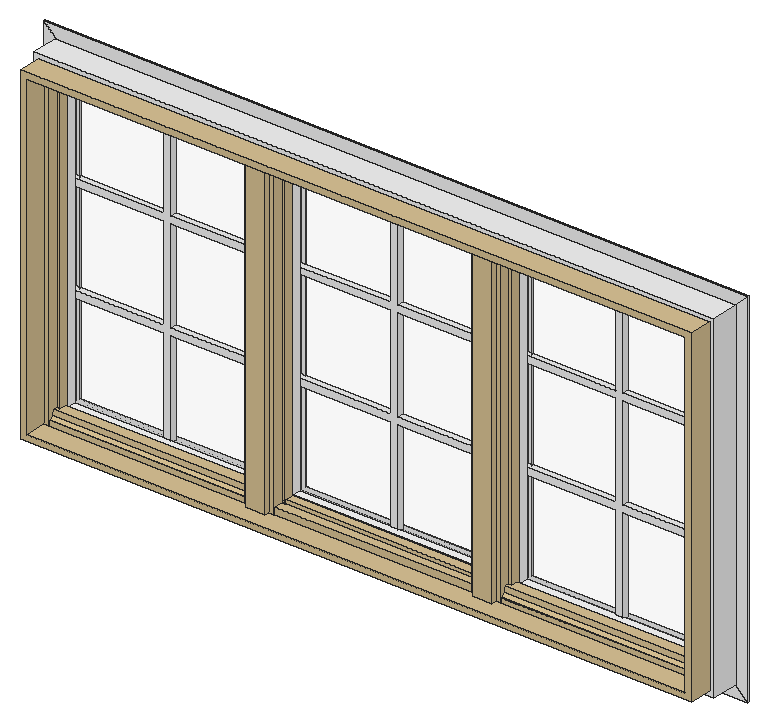
Revit family
Parameters (values of type "C33")
  Description = "400 Series Casement - Triple Sash"
  Default Sill Height = Default Head Height - Height  # 3' - 8 1/16"
  Default Head Height = 6' - 8"
  Height = 2' - 11 15/16"
  Installation Flange Inset [instance] = 0' - 0 3/4"
  Manufacturer = "Andersen Corporation"
  Construction Type = "Vinyl Clad Wood"
  Model = "C33"
  Type Comments = "Shown w/ Optional Extension Jamb"
  Wall Closure = (empty or 0)
  Width = 5' - 11 7/8"
Types (3): name | Default Sill Height | Height | Model
  (no name) | 3' - 8 1/16" | 2' - 11 15/16" | "C33"
  C33 | 3' - 8 1/16" | 2' - 11 15/16" | "C33"
  C335 | 3' - 3 3/16" | 3' - 4 13/16" | "C335"
Reference planes (in)
  plane 1: y = 0
  plane 2: z = 0
  plane 3 "Center": x = -1.33656
  plane 4 "Right": x = -37.27406
  plane 5 "Right": x = 34.60094
  plane 6 "Sill": z = 44.0625
  plane 7 "Head Height": z = 80
  plane 8 "Installation Flange": y = 2.25
  plane 9: z = 56.7522
  plane 10: x = 32.67324
  plane 11: z = 67.3103
  plane 12: z = 46.19409
  plane 13: x = -25.22277
  plane 14: x = -15.10117
  plane 15: x = -35.34437
  plane 16: x = 22.54855
  plane 17: x = 12.42386
  plane 18: z = 77.86841
  plane 19: x = -13.31572
  plane 20: x = 10.64261
  plane 21: x = 8.86136
  plane 22: x = -11.53447
  plane 23: z = 62.03125
  plane 24: x = -36.13006
  plane 25: z = 77.24341
  plane 26: x = -35.58306
  plane 27: x = -14.867
  plane 28: x = -11.76872
  plane 29: x = 9.09561
Forms (in)
  Sweep 1, solid
    path origin (0, 0, 0) x (0, 0, -1) y (1, 0, 0)
      loop
        line (-44.0625, 34.60094) -> (-80, 34.60094) -> (-80, -37.27406) -> (-44.0625, -37.27406) -> (-44.0625, 34.60094)
    profile origin (-1.33656, 0, 0) x (0, 0, -1) y (0, -1, 0)
      loop
        line (-42.8125, -2.25) -> (-44.0625, -2.25) -> (-44.0625, -2.375) -> (-42.8125, -2.375) -> (-42.8125, -2.25)
  Sweep 2, solid
    path origin (0, 2.5975, 0) x (0, 0, -1) y (1, 0, 0)
      loop
        line (-44.0625, -14.00322) -> (-44.0625, -36.69431)
    profile origin (-25.34876, 2.5975, 0) x (0, 0, -1) y (0, -1, 0)
      loop
        line (-78.07301, -0.652) -> (-78.01692, -0.21179) -> (-77.59914, -0.19789) -> (-77.49341, 0) -> (-78.12236, 0) -> (-78.12236, 0.625) -> (-77.59336, 0.625) -> (-77.71221, 1.348) -> (-78.39817, 1.348) -> (-78.49115, 0.8165) -> (-79.21636, 0.8165) -> (-79.21636, -0.652) -> (-78.07301, -0.652)
      loop
        line (-46.32193, 1.348) -> (-46.44078, 0.625) -> (-45.94014, 0.625) -> (-45.94014, 0) -> (-46.56909, 0) -> (-46.46336, -0.19789) -> (-46.04558, -0.21179) -> (-45.98949, -0.652) -> (-44.84614, -0.652) -> (-44.84614, 0.8165) -> (-45.57135, 0.8165) -> (-45.66433, 1.348) -> (-46.32193, 1.348)
  Sweep 3, solid
    path origin (0, 2.5975, 0) x (0, 0, -1) y (1, 0, 0)
      loop
        line (-44.0625, 34.60094) -> (-44.0625, -37.27406)
    profile origin (-1.33656, 2.5975, 0) x (0, 0, -1) y (0, -1, 0)
      loop
        line (-80, -0.9645) -> (-79.31202, -0.9645) -> (-79.31202, 0.8165) -> (-78.576, 0.8165) -> (-78.576, 3.1955) -> (-80, 3.1955) -> (-80, -0.9645)
      loop
        line (-44.75048, -0.9645) -> (-44.0625, -0.9645) -> (-44.0625, 3.1955) -> (-45.4865, 3.1955) -> (-45.4865, 0.8165) -> (-44.75048, 0.8165) -> (-44.75048, -0.9645)
  Sweep 4, solid
    path origin (0, 2.5975, 0) x (0, 0, -1) y (1, 0, 0)
      loop
        line (-44.0625, 33.03324) -> (-44.0625, 12.06158)
    profile origin (22.54741, 2.5975, 0) x (0, 0, -1) y (0, -1, 0)
      loop
        line (-78.576, 1.348) -> (-77.699, 1.348) -> (-77.699, 2.34528) -> (-78.059, 2.3655) -> (-78.059, 3.348) -> (-78.85725, 3.348) -> (-78.85725, 3.1955) -> (-78.576, 3.1955) -> (-78.576, 1.348)
      loop
        line (-45.4865, 1.348) -> (-45.4865, 3.1955) -> (-45.21825, 3.1955) -> (-45.21825, 3.348) -> (-45.7695, 3.348) -> (-45.7695, 3.2155) -> (-46.0815, 2.9305) -> (-46.6155, 2.88793) -> (-46.6155, 1.6315) -> (-46.3175, 1.348) -> (-45.4865, 1.348)
  Sweep 5, solid
    path origin (0, 2.5975, 0) x (0, 0, -1) y (1, 0, 0)
      loop
        line (-44.0625, 34.14394) -> (-44.0625, -36.81706)
    profile origin (-1.33656, 2.5975, 0) x (0, 0, -1) y (0, -1, 0)
      loop
        line (-79.54425, 5.5975) -> (-79.54425, 3.1955) -> (-78.85725, 3.1955) -> (-78.85725, 5.5975) -> (-79.54425, 5.5975)
      loop
        line (-45.21825, 5.5975) -> (-45.21825, 3.1955) -> (-44.53125, 3.1955) -> (-44.53125, 5.5975) -> (-45.21825, 5.5975)
  Sweep 6, solid
    path origin (0, 2.5975, 0) x (0, 0, -1) y (1, 0, 0)
      loop
        line (-44.84614, -37.27406) -> (-79.21636, -37.27406)
    profile origin (0, 2.5975, 62.03125) x (-1, 0, 0) y (0, -1, 0)
      loop
        line (34.97135, 0) -> (35.07709, -0.19789) -> (35.49486, -0.21179) -> (35.55096, -0.652) -> (36.69431, -0.652) -> (36.69431, 0.8165) -> (35.9691, 0.8165) -> (35.87612, 1.348) -> (35.19016, 1.348) -> (35.07131, 0.625) -> (35.60031, 0.625) -> (35.60031, 0) -> (34.97135, 0)
      loop
        line (15.47617, 0) -> (14.84722, 0) -> (14.84722, 0.625) -> (15.37622, 0.625) -> (15.25737, 1.348) -> (14.57141, 1.348) -> (14.47843, 0.8165) -> (13.75322, 0.8165) -> (13.75322, -0.652) -> (14.89657, -0.652) -> (14.95267, -0.21179) -> (15.37044, -0.19789) -> (15.47617, 0)
  Sweep 7, solid
    path origin (0, 0, 0) x (0, 0, -1) y (1, 0, 0)
      loop
        line (-79.54425, -37.27406) -> (-44.53125, -37.27406)
    profile origin (0, 0, 62.03775) x (0, -1, 0) y (1, 0, 0)
      loop
        line (0.598, -36.81706) -> (3, -36.81706) -> (3, -36.13006) -> (0.598, -36.13006) -> (0.598, -36.81706)
      loop
        line (0.598, 34.14394) -> (0.598, 33.45694) -> (3, 33.45694) -> (3, 34.14394) -> (0.598, 34.14394)
  Sweep 8, solid
    path origin (0, 2.5975, 0) x (0, 0, -1) y (1, 0, 0)
      loop
        line (-44.0625, 34.60094) -> (-80, 34.60094)
    profile origin (0, 2.5975, 62.03125) x (-1, 0, 0) y (0, -1, 0)
      loop
        line (-34.11494, 0.8165) -> (-33.45694, 0.8165) -> (-33.45694, 3.1955) -> (-34.60094, 3.1955) -> (-34.60094, -0.9645) -> (-34.11494, -0.9645) -> (-34.11494, 0.8165)
      loop
        line (36.78806, 0.8165) -> (36.78806, -0.9645) -> (37.27406, -0.9645) -> (37.27406, 3.1955) -> (36.13006, 3.1955) -> (36.13006, 0.8165) -> (36.78806, 0.8165)
  Sweep 9, solid
    path origin (0, 0, 0) x (0, 0, -1) y (1, 0, 0)
      loop
        line (-78.85725, -37.27406) -> (-45.21825, -37.27406)
    profile origin (0, 0, 62.03775) x (0, -1, 0) y (1, 0, 0)
      loop
        line (0.768, -36.13006) -> (0.768, -35.58306) -> (-0.232, -35.58306) -> (-0.25222, -35.22306) -> (-1.2495, -35.22306) -> (-1.2495, -36.13006) -> (0.768, -36.13006)
      loop
        line (0.768, -14.31572) -> (-1.2495, -14.31572) -> (-1.2495, -15.22272) -> (-0.25222, -15.22272) -> (-0.232, -14.86272) -> (0.768, -14.86272) -> (0.768, -14.31572)
      loop
        line (0.768, 11.64261) -> (0.768, 12.18961) -> (-0.232, 12.18961) -> (-0.25222, 12.54961) -> (-1.2495, 12.54961) -> (-1.2495, 11.64261) -> (0.768, 11.64261)
      loop
        line (0.768, 33.45694) -> (-1.2495, 33.45694) -> (-1.2495, 32.54994) -> (-0.25222, 32.54994) -> (-0.232, 32.90994) -> (0.768, 32.90994) -> (0.768, 33.45694)
      loop
        line (0.768, 9.64261) -> (-1.2495, 9.64261) -> (-1.2495, 8.73561) -> (-0.25222, 8.73561) -> (-0.232, 9.09561) -> (0.768, 9.09561) -> (0.768, 9.64261)
      loop
        line (0.768, -12.31572) -> (0.768, -11.76872) -> (-0.232, -11.76872) -> (-0.25222, -11.40872) -> (-1.2495, -11.40872) -> (-1.2495, -12.31572) -> (0.768, -12.31572)
  Extrusion 10, solid
    sketch origin (0, 2.5975, 0) x (0, 0, 1) y (1, 0, 0)
      loop
        line (67.6853, -35.34437) -> (67.6853, -25.59777) -> (77.86841, -25.59777) -> (77.86841, -24.84777) -> (67.6853, -24.84777) -> (67.6853, -15.10117) -> (66.9353, -15.10117) -> (66.9353, -24.84777) -> (57.1272, -24.84777) -> (57.1272, -15.10117) -> (56.3772, -15.10117) -> (56.3772, -24.84777) -> (46.19409, -24.84777) -> (46.19409, -25.59777) -> (56.3772, -25.59777) -> (56.3772, -35.34437) -> (57.1272, -35.34437) -> (57.1272, -25.59777) -> (66.9353, -25.59777) -> (66.9353, -35.34437) -> (67.6853, -35.34437)
    from -0.625 to 0
  Extrusion 11, solid
    sketch origin (0, 2.5975, 0) x (0, 0, -1) y (1, 0, 0)
      loop
        line (-46.19409, -15.10117) -> (-77.875, -15.10117) -> (-77.875, -35.34437) -> (-46.19409, -35.34437) -> (-46.19409, -15.10117)
    from 0 to 0.625
  Sweep 12, solid
    path origin (0, 2.5975, 0) x (0, 0, -1) y (1, 0, 0)
      loop
        line (-78.85725, -1.33656) -> (-45.21825, -1.33656)
    profile origin (0, 2.5975, 62.03775) x (0, -1, 0) y (1, 0, 0)
      loop
        line (2.88793, -14.31572) -> (3.8655, -14.31572) -> (3.8655, -12.31572) -> (2.88793, -12.31572) -> (2.88793, -14.31572)
      loop
        line (2.88793, 11.64261) -> (2.88793, 9.64261) -> (3.8655, 9.64261) -> (3.8655, 11.64261) -> (2.88793, 11.64261)
  Sweep 13, solid
    path origin (0, 2.5975, 0) x (0, 0, -1) y (1, 0, 0)
      loop
        line (-44.84614, 32.67324) -> (-78.87598, 32.67324)
    profile origin (0, 2.5975, 61.86106) x (-1, 0, 0) y (0, -1, 0)
      loop
        line (-32.29824, 0) -> (-32.92719, 0) -> (-32.92719, 0.625) -> (-32.39819, 0.625) -> (-32.51704, 1.348) -> (-33.203, 1.348) -> (-33.29599, 0.8165) -> (-34.02119, 0.8165) -> (-34.02119, -0.652) -> (-32.87785, -0.652) -> (-32.82175, -0.21179) -> (-32.40398, -0.19789) -> (-32.29824, 0)
      loop
        line (-12.80306, 0) -> (-12.69733, -0.19789) -> (-12.27956, -0.21179) -> (-12.22346, -0.652) -> (-11.08011, -0.652) -> (-11.08011, 0.8165) -> (-11.80532, 0.8165) -> (-11.8983, 1.348) -> (-12.58426, 1.348) -> (-12.70311, 0.625) -> (-12.17411, 0.625) -> (-12.17411, 0) -> (-12.80306, 0)
  Sweep 14, solid
    path origin (0, 2.5975, 0) x (0, 0, -1) y (1, 0, 0)
      loop
        line (-44.75048, 34.02119) -> (-44.75048, 11.08011)
    profile origin (22.55065, 2.5975, 0) x (0, 0, -1) y (0, -1, 0)
      loop
        line (-78.07363, -0.652) -> (-78.01753, -0.21179) -> (-77.59976, -0.19789) -> (-77.49402, 0) -> (-78.12298, 0) -> (-78.12298, 0.625) -> (-77.59398, 0.625) -> (-77.71282, 1.348) -> (-78.39879, 1.348) -> (-78.49177, 0.8165) -> (-79.21636, 0.8165) -> (-79.21636, -0.652) -> (-78.07363, -0.652)
      loop
        line (-46.35029, 1.348) -> (-46.46914, 0.625) -> (-45.94014, 0.625) -> (-45.94014, 0) -> (-46.56909, 0) -> (-46.46336, -0.19789) -> (-46.04558, -0.21179) -> (-45.98949, -0.652) -> (-44.84614, -0.652) -> (-44.84614, 0.8165) -> (-45.57135, 0.8165) -> (-45.66433, 1.348) -> (-46.35029, 1.348)
  Sweep 15, solid
    path origin (0, 2.5975, 0) x (0, 0, -1) y (1, 0, 0)
      loop
        line (-79.31202, -1.33656) -> (-44.75048, -1.33656)
    profile origin (0, 2.5975, 62.03125) x (0, -1, 0) y (1, 0, 0)
      loop
        line (0.8165, 9.64261) -> (2.88793, 9.64261) -> (2.88793, 11.64261) -> (0.8165, 11.64261) -> (0.8165, 11.04546) -> (-0.9645, 10.88964) -> (-0.9645, 10.39558) -> (0.8165, 10.23976) -> (0.8165, 9.64261)
      loop
        line (0.8165, -14.31572) -> (2.88793, -14.31572) -> (2.88793, -12.31572) -> (0.8165, -12.31572) -> (0.8165, -12.91287) -> (-0.9645, -13.06869) -> (-0.9645, -13.56275) -> (0.8165, -13.71857) -> (0.8165, -14.31572)
  Extrusion 16, solid
    sketch origin (0, 2.5975, 0) x (0, 0, -1) y (1, 0, 0)
      loop
        line (-77.875, 32.67324) -> (-77.875, 12.42386) -> (-46.19409, 12.42386) -> (-46.19409, 32.67324) -> (-77.875, 32.67324)
    from 0 to 0.625
  Extrusion 17, solid
    sketch origin (0, 2.5975, 0) x (0, 0, -1) y (1, 0, 0)
      loop
        line (-56.3772, 22.92355) -> (-56.3772, 32.67324) -> (-57.1272, 32.67324) -> (-57.1272, 22.92355) -> (-66.9353, 22.92355) -> (-66.9353, 32.67324) -> (-67.6853, 32.67324) -> (-67.6853, 22.92355) -> (-77.86841, 22.92355) -> (-77.86841, 22.17355) -> (-67.6853, 22.17355) -> (-67.6853, 12.42386) -> (-66.9353, 12.42386) -> (-66.9353, 22.17355) -> (-57.1272, 22.17355) -> (-57.1272, 12.42386) -> (-56.3772, 12.42386) -> (-56.3772, 22.17355) -> (-46.19409, 22.17355) -> (-46.19409, 22.92355) -> (-56.3772, 22.92355)
    from 0 to 0.625
  Sweep 18, solid
    path origin (0, 2.5975, 0) x (0, 0, -1) y (1, 0, 0)
      loop
        line (-44.84614, 9.64261) -> (-79.21636, 9.64261)
    profile origin (0, 2.5975, 62.03125) x (-1, 0, 0) y (0, -1, 0)
      loop
        line (11.15527, 0) -> (11.26101, -0.19789) -> (11.67878, -0.21179) -> (11.73487, -0.652) -> (12.87822, -0.652) -> (12.87822, 0.8165) -> (12.15302, 0.8165) -> (12.06003, 1.348) -> (11.37407, 1.348) -> (11.25522, 0.625) -> (11.78422, 0.625) -> (11.78422, 0) -> (11.15527, 0)
      loop
        line (-8.48216, 0) -> (-9.11111, 0) -> (-9.11111, 0.625) -> (-8.58211, 0.625) -> (-8.70096, 1.348) -> (-9.38692, 1.348) -> (-9.4799, 0.8165) -> (-10.20511, 0.8165) -> (-10.20511, -0.652) -> (-9.06176, -0.652) -> (-9.00567, -0.21179) -> (-8.58789, -0.19789) -> (-8.48216, 0)
  Sweep 19, solid
    path origin (0, 2.5975, 0) x (0, 0, -1) y (1, 0, 0)
      loop
        line (-44.75048, 10.20511) -> (-44.75048, -12.87822)
    profile origin (-1.33656, 2.5975, 0) x (0, 0, -1) y (0, -1, 0)
      loop
        line (-78.07363, -0.652) -> (-78.01753, -0.21179) -> (-77.59976, -0.19789) -> (-77.49402, 0) -> (-78.12298, 0) -> (-78.12298, 0.625) -> (-77.59398, 0.625) -> (-77.71282, 1.348) -> (-78.39879, 1.348) -> (-78.49177, 0.8165) -> (-79.21636, 0.8165) -> (-79.21636, -0.652) -> (-78.07363, -0.652)
      loop
        line (-46.35029, 1.348) -> (-46.46914, 0.625) -> (-45.94014, 0.625) -> (-45.94014, 0) -> (-46.56909, 0) -> (-46.46336, -0.19789) -> (-46.04558, -0.21179) -> (-45.98949, -0.652) -> (-44.84614, -0.652) -> (-44.84614, 0.8165) -> (-45.57135, 0.8165) -> (-45.66433, 1.348) -> (-46.35029, 1.348)
  Extrusion 20, solid
    sketch origin (0, 2.5975, 0) x (0, 0, -1) y (1, 0, 0)
      loop
        line (-77.86841, 8.86136) -> (-77.86841, -11.53447) -> (-46.19409, -11.53447) -> (-46.19409, 8.86136) -> (-77.86841, 8.86136)
    from 0 to 0.625
  Extrusion 21, solid
    sketch origin (0, 2.5975, 0) x (0, 0, -1) y (1, 0, 0)
      loop
        line (-56.3772, -1.61563) -> (-46.19409, -1.61563) -> (-46.19409, -0.86563) -> (-56.3772, -0.86563) -> (-56.3772, 8.86136) -> (-57.1272, 8.86136) -> (-57.1272, -0.86563) -> (-66.9353, -0.86563) -> (-66.9353, 8.86136) -> (-67.6853, 8.86136) -> (-67.6853, -0.86563) -> (-77.86841, -0.86563) -> (-77.86841, -1.61563) -> (-67.6853, -1.61563) -> (-67.6853, -11.53447) -> (-66.9353, -11.53447) -> (-66.9353, -1.61563) -> (-57.1272, -1.61563) -> (-57.1272, -11.53447) -> (-56.3772, -11.53447) -> (-56.3772, -1.61563)
    from 0 to 0.625
  Sweep 22, solid
    path origin (-47.77442, 2.5975, 0) x (0, 0, -1) y (1, 0, 0)
      loop
        line (-44.0625, 32.90742) -> (-44.0625, 12.19136)
    profile origin (-25.22503, 2.5975, 0) x (0, 0, -1) y (0, -1, 0)
      loop
        line (-78.576, 1.348) -> (-77.699, 1.348) -> (-77.699, 2.34528) -> (-78.059, 2.3655) -> (-78.059, 3.348) -> (-78.85725, 3.348) -> (-78.85725, 3.1955) -> (-78.576, 3.1955) -> (-78.576, 1.348)
      loop
        line (-45.4865, 1.348) -> (-45.4865, 3.1955) -> (-45.21825, 3.1955) -> (-45.21825, 3.348) -> (-45.7695, 3.348) -> (-45.7695, 3.2155) -> (-46.0815, 2.9305) -> (-46.6155, 2.88793) -> (-46.6155, 1.6315) -> (-46.3175, 1.348) -> (-45.4865, 1.348)
  Sweep 23, solid
    path origin (-24.78404, 2.5975, 0) x (0, 0, -1) y (1, 0, 0)
      loop
        line (-44.0625, 33.87965) -> (-44.0625, 13.01531)
    profile origin (-1.33656, 2.5975, 0) x (0, 0, -1) y (0, -1, 0)
      loop
        line (-78.576, 1.348) -> (-77.699, 1.348) -> (-77.699, 2.34528) -> (-78.059, 2.3655) -> (-78.059, 3.348) -> (-78.85725, 3.348) -> (-78.85725, 3.1955) -> (-78.576, 3.1955) -> (-78.576, 1.348)
      loop
        line (-45.4865, 1.348) -> (-45.4865, 3.1955) -> (-45.21825, 3.1955) -> (-45.21825, 3.348) -> (-45.9425, 3.348) -> (-45.9425, 2.37517) -> (-46.3175, 2.34528) -> (-46.3175, 1.348) -> (-45.4865, 1.348)
Cuts and joins
  joined: Sweep 2, Sweep 6
  joined: Sweep 5, Sweep 7
  joined: Sweep 3, Sweep 8
  joined: Sweep 13, Sweep 14
  joined: Sweep 4, Sweep 9
  joined: Sweep 18, Sweep 19
Lines and regions (in)
  Opening 1
    outline origin (-60, -3, 0) x (1, 0, 0) y (0, 0, 1)
      loop
        line (22.47594, 80.25) -> (22.47594, 43.8125) -> (94.85094, 43.8125) -> (94.85094, 80.25) -> (22.47594, 80.25)
  symbolic lines, style "Elevation Swing"
    curve 1: line (32.19937, 0, 62.01689) -> (12.4438, 0, 78.22853)
    curve 2: line (32.19937, 0, 62.01689) -> (12.4438, 0, 45.66263)
    curve 3: line (-34.8705, 0, 61.87093) -> (-15.12111, 0, 78.22853)
    curve 4: line (-34.8705, 0, 61.87093) -> (-15.12111, 0, 45.66263)
  symbolic lines
    curve 5: line (-37.27406, 3.562, 0) -> (-37.27406, -0.598, 0)
    curve 6: line (-36.13006, 3.562, 0) -> (-37.27406, 3.562, 0)
    curve 7: line (-36.81706, -0.598, 0) -> (-36.81706, -3, 0)
    curve 8: line (-37.27406, -0.598, 0) -> (-36.81706, -0.598, 0)
    curve 9: line (-36.13006, 3.2495, 0) -> (-36.13006, 3.562, 0)
    curve 10: line (-34.97135, 3.2495, 0) -> (-36.13006, 3.2495, 0)
    curve 11: line (-36.13006, 1.2495, 0) -> (-34.97135, 1.2495, 0)
    curve 12: line (-34.97135, 1.2495, 0) -> (-34.97135, 3.2495, 0)
    curve 13: line (-36.13006, -3, 0) -> (-36.13006, 1.2495, 0)
    curve 14: line (-36.81706, -3, 0) -> (-36.13006, -3, 0)
    curve 15: line (-34.97135, 2.5975, 0) -> (-15.65406, 2.5975, 0)
    curve 16: line (-14.31572, 3.562, 0) -> (-12.36856, 3.562, 0)
    curve 17: line (-14.31572, 3.2495, 0) -> (-14.31572, 3.562, 0)
    curve 18: line (-15.45624, 3.2495, 0) -> (-14.31572, 3.2495, 0)
    curve 19: line (-14.31572, 1.2495, 0) -> (-15.45624, 1.2495, 0)
    curve 20: line (-15.45624, 1.2495, 0) -> (-15.45624, 3.2495, 0)
    curve 21: line (-14.31572, -1.268, 0) -> (-14.31572, 1.2495, 0)
    curve 22: line (-14.31572, -1.268, 0) -> (-12.31572, -1.268, 0)
    curve 23: line (-12.36856, 3.2495, 0) -> (-12.36856, 3.562, 0)
    curve 24: line (-11.15527, 3.2495, 0) -> (-12.36856, 3.2495, 0)
    curve 25: line (-12.31572, 1.2495, 0) -> (-11.15527, 1.2495, 0)
    curve 26: line (-11.15527, 1.2495, 0) -> (-11.15527, 3.2495, 0)
    curve 27: line (-12.31572, -1.268, 0) -> (-12.31572, 1.2495, 0)
    curve 28: line (8.08991, 2.5975, 0) -> (-10.98159, 2.5975, 0)
    curve 29: line (34.60094, 3.562, 0) -> (34.60094, -0.598, 0)
    curve 30: line (33.45694, 3.562, 0) -> (34.60094, 3.562, 0)
    curve 31: line (34.14394, -0.598, 0) -> (34.14394, -3, 0)
    curve 32: line (34.60094, -0.598, 0) -> (34.14394, -0.598, 0)
    curve 33: line (33.45694, 3.2495, 0) -> (33.45694, 3.562, 0)
    curve 34: line (32.29824, 3.2495, 0) -> (33.45694, 3.2495, 0)
    curve 35: line (33.45694, 1.2495, 0) -> (32.29824, 1.2495, 0)
    curve 36: line (32.29824, 1.2495, 0) -> (32.29824, 3.2495, 0)
    curve 37: line (33.45694, -3, 0) -> (33.45694, 1.2495, 0)
    curve 38: line (34.14394, -3, 0) -> (33.45694, -3, 0)
    curve 39: line (32.29824, 2.5975, 0) -> (12.97674, 2.5975, 0)
    curve 40: line (11.58977, 3.562, 0) -> (9.69545, 3.562, 0)
    curve 41: line (11.58977, 3.2495, 0) -> (11.58977, 3.562, 0)
    curve 42: line (12.80306, 3.2495, 0) -> (11.58977, 3.2495, 0)
    curve 43: line (11.64261, 1.2495, 0) -> (12.80306, 1.2495, 0)
    curve 44: line (12.80306, 1.2495, 0) -> (12.80306, 3.2495, 0)
    curve 45: line (11.64261, -1.268, 0) -> (11.64261, 1.2495, 0)
    curve 46: line (11.64261, -1.268, 0) -> (9.64261, -1.268, 0)
    curve 47: line (9.69545, 3.2495, 0) -> (9.69545, 3.562, 0)
    curve 48: line (8.48216, 3.2495, 0) -> (9.69545, 3.2495, 0)
    curve 49: line (9.64261, 1.2495, 0) -> (8.48216, 1.2495, 0)
    curve 50: line (8.48216, 1.2495, 0) -> (8.48216, 3.2495, 0)
    curve 51: line (9.64261, -1.268, 0) -> (9.64261, 1.2495, 0)
    curve 52: line (8.08991, 1.9725, 0) -> (-10.98159, 1.9725, 0)
    curve 53: line (32.29824, 1.9725, 0) -> (12.97674, 1.9725, 0)
    curve 54: line (-34.97135, 1.9725, 0) -> (-15.65406, 1.9725, 0)
Text (in)
  text "EXTERIOR" at (-56.58296, 30.41546, 0), in view "Ref. Level"
  text "INTERIOR" at (-58.6888, -13.80711, 0), in view "Ref. Level"
  text "Exterior" at (0, 28.69995, 90.16741), in view "Left"
  text "Exterior" at (0, 18.29385, 125.04747), in view "Right"
Dimensions and locks (in)
  equal spacing: plane 4 "Right", plane 3 "Center", plane 5 "Right"
  "Width": plane 4 "Right" to plane 5 "Right"
  "Height": plane 6 "Sill" to plane 7 "Head Height"
  locked: plane 5 "Right" to Opening 1 sketch curve at 0.25
  locked: plane 7 "Head Height" to Opening 1 sketch curve at 0.25
  locked: Opening 1 sketch curve to plane 4 "Right" at 0.25
  locked: Opening 1 sketch curve to plane 6 "Sill" at 0.25
  "Installation Flange Inset": host wall to plane 8 "Installation Flange"
  Sweep 1 sketch curve to plane 6 "Sill" = 0' - 1 1/4"
  locked: Sweep 1 sketch curve to plane 8 "Installation Flange" at 0.125
  locked: plane 4 "Right" to Sweep 6 sketch curve at 0.57975
  plane 4 "Right" to Sweep 7 sketch curve to Sweep 7 sketch curve = 0' - 0.457" locked, 0' - 0.687" locked
  Sweep 7 sketch curve to Sweep 7 sketch curve to plane 5 "Right" = 0' - 0.687" locked, 0' - 0.457" locked
  plane 6 "Sill" to Sweep 4 sketch curve to Sweep 4 sketch curve = 0' - 1.424" locked, 0' - 1.129" locked
  Sweep 4 sketch curve to Sweep 4 sketch curve to plane 7 "Head Height" = 0' - 0.877" locked, 0' - 1.424" locked
  Sweep 2 sketch curve to Sweep 2 sketch curve to plane 7 "Head Height" = 0' - 1.14335" locked, 0' - 0.78364" locked
  Sweep 2 sketch curve to plane 8 "Installation Flange" to Sweep 2 sketch curve to Sweep 2 sketch curve = 0' - 0.9995" locked, 0' - 0.469" locked, 0' - 0.5315" locked
  locked: plane 8 "Installation Flange" to Sweep 5 sketch curve at 2.848
  locked: Sweep 5 sketch curve to plane 7 "Head Height" at 1.14275
  locked: plane 6 "Sill" to Sweep 5 sketch curve at 1.15575
  Sweep 3 sketch curve to Sweep 3 sketch curve to plane 7 "Head Height" = 0' - 0.73602" locked, 0' - 0.68798" locked
  plane 6 "Sill" to Sweep 3 sketch curve to Sweep 3 sketch curve = 0' - 0" locked, 0' - 1.424" locked
  Sweep 9 sketch curve to Sweep 9 sketch curve to plane 8 "Installation Flange" = 0' - 2.0175" locked, 0' - 1.0005" locked
  plane 4 "Right" to Sweep 9 sketch curve to Sweep 9 sketch curve = 0' - 1.144" locked, 0' - 0.907" locked
  plane 8 "Installation Flange" to Sweep 4 sketch curve to Sweep 4 sketch curve = 0' - 1.0005" locked, 0' - 2" locked
  Sweep 3 sketch curve to plane 8 "Installation Flange" to Sweep 3 sketch curve = 0' - 1.312" locked, 0' - 2.848" locked
  Sweep 6 sketch curve to plane 8 "Installation Flange" to Sweep 6 sketch curve = 0' - 1.0005" locked, 0' - 0.9995" locked
  plane 10 to plane 5 "Right" = 0' - 1.9277"
  equal spacing: Extrusion 10 sketch curve, plane 13, Extrusion 10 sketch curve
  Extrusion 10 sketch curve to Extrusion 10 sketch curve = 0' - 0 3/4"
  Extrusion 10 sketch curve to plane 11 to Extrusion 10 sketch curve = 0' - 0 3/8" locked, 0' - 0 3/8" locked
  Sweep 9 sketch curve to Sweep 9 sketch curve to plane 19 to Sweep 9 sketch curve to Sweep 9 sketch curve = 0' - 0.907" locked, 0' - 1" locked, 0' - 1" locked, 0' - 0.907" locked
  locked: plane 4 "Right" to plane 15 at 1.92969
  equal spacing: plane 14, plane 13, plane 15
  Extrusion 10 sketch curve to plane 9 to Extrusion 10 sketch curve = 0' - 0 3/8" locked, 0' - 0 3/8" locked
  equal spacing: plane 10, plane 16, plane 17
  locked: plane 10 to plane 5 "Right" at 1.9277
  locked: Sweep 14 sketch curve to plane 8 "Installation Flange" at 0.9995
  Sweep 8 sketch curve to plane 8 "Installation Flange" to Sweep 8 sketch curve = 0' - 2.848" locked, 0' - 1.312" locked
  locked: Extrusion 11 sketch curve to plane 7 "Head Height" at 2.125
  equal spacing: plane 12, plane 9, plane 11, plane 18
  locked: plane 18 to plane 7 "Head Height" at 2.13159
  locked: plane 6 "Sill" to plane 12 at 2.13159
  plane 22 to plane 19 to plane 14 = 0' - 1 25/32" locked, 0' - 1.78545" locked
  Sweep 6 sketch curve to plane 19 = 0' - 0 7/16"
  plane 21 to plane 20 to plane 17 = 0' - 1 25/32" locked, 0' - 1 25/32" locked
  locked: plane 20 to Sweep 13 sketch curve at 0.4375
  equal spacing: plane 4 "Right", plane 19, plane 20, plane 5 "Right"
  locked: Sweep 18 sketch curve to plane 7 "Head Height" at 0.78364
  locked: plane 6 "Sill" to Sweep 18 sketch curve at 0.78364
  locked: plane 8 "Installation Flange" to Sweep 18 sketch curve at 0.9995
  locked: Sweep 19 sketch curve to plane 7 "Head Height" at 0.78364
  Sweep 19 sketch curve to plane 8 "Installation Flange" to Sweep 19 sketch curve = 0' - 0.9995" locked, 0' - 1.0005" locked  (x2)
  plane 6 "Sill" to Sweep 19 sketch curve = 0' - 0.78364"
  Sweep 9 sketch curve to Sweep 9 sketch curve to plane 20 to Sweep 9 sketch curve to Sweep 9 sketch curve = 0' - 0.907" locked, 0' - 1" locked, 0' - 1" locked, 0' - 0.907" locked
  Sweep 9 sketch curve to Sweep 9 sketch curve to plane 5 "Right" = 0' - 0.907" locked, 0' - 1.144" locked
  plane 4 "Right" to plane 5 "Right" = 5' - 11 7/8"
  Sweep 12 sketch curve to plane 19 to Sweep 12 sketch curve = 0' - 1" locked, 0' - 1" locked
  Sweep 12 sketch curve to plane 20 to Sweep 12 sketch curve = 0' - 1" locked, 0' - 1" locked
  Sweep 9 sketch curve to plane 19 to Sweep 9 sketch curve = 0' - 1.547" locked, 0' - 1.547" locked
  Sweep 9 sketch curve to plane 20 to Sweep 9 sketch curve = 0' - 1.547" locked, 0' - 1.547" locked
  equal spacing: plane 6 "Sill", plane 23, plane 7 "Head Height"
  locked: Sweep 18 sketch curve to plane 20 at 0.4375
  locked: plane 19 to Sweep 18 sketch curve at 0.4375
  Sweep 12 sketch curve to Sweep 12 sketch curve to plane 8 "Installation Flange" = 0' - 0.97757" locked, 0' - 2.54043" locked
  Sweep 15 sketch curve to plane 8 "Installation Flange" to Sweep 15 sketch curve = 0' - 2.54043" locked, 0' - 1.312" locked
  Sweep 15 sketch curve to plane 19 to Sweep 15 sketch curve = 0' - 1" locked, 0' - 1" locked
  Sweep 15 sketch curve to plane 20 to Sweep 15 sketch curve = 0' - 1" locked, 0' - 1" locked
  Sweep 15 sketch curve to plane 20 to Sweep 15 sketch curve = 0' - 0.24703" locked, 0' - 0.24703" locked
  Sweep 15 sketch curve to plane 19 to Sweep 15 sketch curve = 0' - 0.24703" locked, 0' - 0.24703" locked
  Sweep 15 sketch curve to plane 19 to Sweep 15 sketch curve = 0' - 0.40285" locked, 0' - 0.40285" locked
  Sweep 15 sketch curve to plane 20 to Sweep 15 sketch curve = 0' - 0.40285" locked, 0' - 0.40285" locked
  locked: Sweep 22 sketch curve to Sweep 22 sketch curve at 1.129
  locked: Sweep 22 sketch curve to Sweep 22 sketch curve at 0.877
  locked: Sweep 22 sketch curve to Sweep 22 sketch curve at 2
  locked: plane 19 to plane 27 at 1.55127
  locked: plane 7 "Head Height" to Sweep 22 sketch curve at 1.424
  locked: plane 8 "Installation Flange" to Sweep 22 sketch curve at 1.0005  (x2)
  locked: Sweep 22 sketch curve to plane 6 "Sill" at 1.424
  locked: Sweep 23 sketch curve to Sweep 23 sketch curve at 0.877
  locked: Sweep 23 sketch curve to Sweep 23 sketch curve at 2
  plane 6 "Sill" to Sweep 22 to Sweep 23 sketch curve = 0' - 1.424" locked, 0' - 0.831" locked
  plane 8 "Installation Flange" to Sweep 22 to Sweep 23 sketch curve = 0' - 1.0005" locked, 0' - 2" locked
  locked: plane 7 "Head Height" to Sweep 23 sketch curve at 1.424
  locked: plane 8 "Installation Flange" to Sweep 23 sketch curve at 1.0005
  locked: plane 22 to plane 28 at 0.23425
  locked: plane 21 to plane 29 at 0.23425
  "Default Sill Height": level to plane 6 "Sill"
  level to plane 7 "Head Height" = 6' - 8"
  aligned and locked: Sweep 1 sketch curve to plane 6 "Sill"
  aligned and locked: plane 7 "Head Height" to Sweep 1 sketch curve
  aligned and locked: Sweep 1 sketch curve to plane 4 "Right"
  aligned and locked: Sweep 1 sketch curve to plane 5 "Right"
  aligned and locked: Sweep 1 sketch curve to plane 8 "Installation Flange"
  aligned and locked: plane 6 "Sill" to Sweep 1 sketch curve
  aligned and locked: Sweep 1 to Sweep 3 sketch curve
  aligned and locked: Sweep 3 sketch curve to plane 6 "Sill"
  aligned and locked: plane 5 "Right" to Sweep 3 sketch curve
  aligned and locked: Sweep 4 sketch curve to plane 6 "Sill"
  aligned and locked: Sweep 5 sketch curve to plane 6 "Sill"
  aligned and locked: host wall to Sweep 5 sketch curve  (x2)
  aligned and locked: Sweep 6 sketch curve to plane 4 "Right"
  aligned and locked: Sweep 2 to Sweep 6 sketch curve  (x2)
  aligned and locked: Sweep 2 sketch curve to plane 6 "Sill"
  aligned and locked: plane 4 "Right" to Sweep 7 sketch curve
  aligned and locked: Sweep 5 to Sweep 7 sketch curve  (x2)
  aligned and locked: Sweep 8 sketch curve to Sweep 3  (x2)
  aligned and locked: Sweep 3 to Sweep 8 sketch curve
  aligned and locked: plane 4 "Right" to Sweep 9 sketch curve
  aligned and locked: Sweep 4 to Sweep 9 sketch curve
  aligned and locked: Sweep 9 sketch curve to Sweep 4
  aligned and locked: Sweep 4 sketch curve to Sweep 4 sketch curve  (x2)
  aligned and locked: Sweep 2 sketch curve to Sweep 2 sketch curve  (x3)
  aligned and locked: Sweep 5 sketch curve to Sweep 5 sketch curve
  aligned and locked: Sweep 3 sketch curve to Sweep 3 sketch curve  (x2)
  aligned and locked: Sweep 9 sketch curve to Sweep 9 sketch curve  (x6)
  aligned and locked: host wall to cut or joined group of Sweep 5, Sweep 7
  aligned and locked: Sweep 6 sketch curve to Sweep 6 sketch curve
  aligned and locked: Extrusion 10 sketch curve to Extrusion 10 sketch curve  (x8)
  aligned and locked: plane 14 to Extrusion 11
  aligned and locked: Extrusion 10 sketch curve to plane 15  (x2)
  aligned and locked: plane 14 to Extrusion 10 sketch curve  (x2)
  aligned and locked: plane 10 to Sweep 13 sketch curve
  aligned and locked: cut or joined group of Sweep 3, Sweep 8 to Sweep 14 sketch curve
  aligned and locked: Sweep 14 sketch curve to Sweep 14 sketch curve  (x3)
  aligned and locked: Sweep 14 sketch curve to cut or joined group of Sweep 2, Sweep 6  (x3)
  aligned and locked: cut or joined group of Sweep 2, Sweep 6 to Sweep 13 sketch curve
  aligned and locked: Sweep 13 sketch curve to cut or joined group of Sweep 2, Sweep 6
  aligned and locked: Sweep 8 sketch curve to Sweep 8 sketch curve  (x2)
  aligned and locked: Sweep 15 sketch curve to cut or joined group of Sweep 3, Sweep 8
  aligned and locked: cut or joined group of Sweep 3, Sweep 8 to Sweep 15 sketch curve
  aligned and locked: Sweep 14 sketch curve to cut or joined group of Sweep 13, Sweep 14
  aligned and locked: Extrusion 16 sketch curve to Extrusion 11
  aligned and locked: plane 17 to Extrusion 16 sketch curve
  aligned and locked: Extrusion 16 sketch curve to plane 10
  aligned and locked: Extrusion 10 sketch curve to plane 18
  aligned and locked: Extrusion 17 sketch curve to Extrusion 17 sketch curve  (x8)
  aligned and locked: Extrusion 11 to Extrusion 17
  aligned and locked: Extrusion 17 to Extrusion 11
  aligned and locked: Extrusion 11 to cut or joined group of Sweep 2, Sweep 6  (x2)
  aligned and locked: Extrusion 10 to Extrusion 11
  aligned and locked: Extrusion 11 to Extrusion 10
  aligned and locked: Extrusion 16 to Extrusion 11  (x2)
  aligned and locked: Sweep 18 sketch curve to Sweep 18 sketch curve  (x2)
  aligned and locked: Extrusion 20 sketch curve to plane 18
  aligned and locked: Extrusion 20 sketch curve to plane 12
  aligned and locked: Extrusion 20 sketch curve to plane 21
  aligned and locked: plane 22 to Extrusion 20 sketch curve
  aligned and locked: Extrusion 11 to Extrusion 20
  aligned and locked: Extrusion 20 to Extrusion 11
  aligned and locked: plane 18 to Extrusion 21 sketch curve
  aligned and locked: Extrusion 21 sketch curve to plane 12
  aligned and locked: Extrusion 21 sketch curve to plane 22  (x2)
  aligned and locked: plane 21 to Extrusion 21 sketch curve  (x2)
  aligned and locked: Extrusion 11 to Extrusion 21
  aligned and locked: Extrusion 21 to Extrusion 11
  aligned and locked: Extrusion 16 sketch curve to plane 12
  aligned and locked: plane 12 to Extrusion 11 sketch curve
  aligned and locked: Sweep 12 sketch curve to Sweep 12 sketch curve  (x2)
  aligned and locked: Sweep 15 sketch curve to Sweep 15 sketch curve  (x2)
  aligned and locked: host wall to Sweep 7 sketch curve
  aligned and locked: Sweep 7 sketch curve to cut or joined group of Sweep 3, Sweep 8
  aligned and locked: Sweep 7 sketch curve to host wall
  aligned and locked: cut or joined group of Sweep 3, Sweep 8 to Sweep 7 sketch curve
  aligned and locked: cut or joined group of Sweep 5, Sweep 7 to Sweep 12 sketch curve  (x2)
  aligned and locked: curve 22 to Sweep 12
  aligned and locked: curve 46 to Sweep 12
  aligned and locked: curve 8 to cut or joined group of Sweep 3, Sweep 8
  aligned and locked: curve 32 to cut or joined group of Sweep 3, Sweep 8
  aligned and locked: cut or joined group of Sweep 2, Sweep 6 to curve 10
  aligned and locked: curve 18 to cut or joined group of Sweep 2, Sweep 6
  aligned and locked: curve 24 to cut or joined group of Sweep 2, Sweep 6
  aligned and locked: cut or joined group of Sweep 2, Sweep 6 to curve 48
  aligned and locked: curve 42 to cut or joined group of Sweep 2, Sweep 6
  aligned and locked: cut or joined group of Sweep 2, Sweep 6 to curve 34
  aligned and locked: curve 30 to cut or joined group of Sweep 3, Sweep 8
  aligned and locked: cut or joined group of Sweep 3, Sweep 8 to curve 40
  aligned and locked: curve 16 to cut or joined group of Sweep 3, Sweep 8
  aligned and locked: cut or joined group of Sweep 3, Sweep 8 to curve 6
  aligned and locked: curve 11 to cut or joined group of Sweep 4, Sweep 9
  aligned and locked: curve 19 to cut or joined group of Sweep 4, Sweep 9
  aligned and locked: cut or joined group of Sweep 4, Sweep 9 to curve 25
  aligned and locked: curve 49 to cut or joined group of Sweep 4, Sweep 9
  aligned and locked: cut or joined group of Sweep 4, Sweep 9 to curve 43
  aligned and locked: curve 35 to cut or joined group of Sweep 4, Sweep 9
  aligned and locked: curve 14 to cut or joined group of Sweep 5, Sweep 7
  aligned and locked: curve 38 to cut or joined group of Sweep 5, Sweep 7
  aligned and locked: Sweep 22 sketch curve to Sweep 22 sketch curve
  aligned and locked: plane 26 to cut or joined group of Sweep 4, Sweep 9
  aligned and locked: plane 26 to Sweep 22 sketch curve
  aligned and locked: plane 27 to Sweep 22 sketch curve
  aligned and locked: Sweep 23 sketch curve to Sweep 23 sketch curve
  aligned and locked: Sweep 23 sketch curve to plane 6 "Sill"
  aligned and locked: plane 28 to Sweep 23 sketch curve
  aligned and locked: plane 29 to Sweep 23 sketch curve
Automatic sketch dimensions
  Sweep 5 sketch curve to plane 4 "Right" = 0' - 0.457"
  plane 5 "Right" to Sweep 5 sketch curve = 0' - 0.457"
  Sweep 8 sketch curve to profile plane = 0' - 0"
  Sweep 8 sketch curve to Sweep 8 sketch curve = 0' - 0.486"  (x2)
  Sweep 8 sketch curve to Sweep 8 sketch curve = 0' - 1.144"
  Sweep 8 sketch curve to Sweep 8 sketch curve = 0' - 0.658"
  Sweep 8 sketch curve to Sweep 8 sketch curve = 0' - 1.781"  (x2)
  Sweep 8 sketch curve to plane 5 "Right" = 0' - 0"
  Sweep 12 sketch curve to plane 3 "Center" = 0' - 0"
  plane 5 "Right" to Sweep 14 sketch curve = 0' - 0.57975"
  Sweep 15 sketch curve to plane 3 "Center" = 0' - 0"
  Sweep 3 sketch curve to Sweep 3 sketch curve = 0' - 0.68798"
  profile plane to Sweep 3 sketch curve = 0' - 0.68798"
  Sweep 3 sketch curve to Sweep 3 sketch curve = 0' - 1.781"  (x2)
  plane 7 "Head Height" to Sweep 13 sketch curve = 0' - 1.12402"
  Sweep 14 sketch curve to Sweep 14 sketch curve = 0' - 0.72459"
  Sweep 14 sketch curve to Sweep 14 sketch curve = 0' - 0.09298"
  Sweep 14 sketch curve to Sweep 14 sketch curve = 0' - 0.36879"  (x2)
  Sweep 14 sketch curve to Sweep 14 sketch curve = 0' - 0.04935"
  Sweep 14 sketch curve to Sweep 14 sketch curve = 0' - 0.10544"
  Sweep 14 sketch curve to Sweep 14 sketch curve = 0' - 0.68596"  (x2)
  Sweep 14 sketch curve to Sweep 14 sketch curve = 0' - 0.41777"  (x2)
  Sweep 14 sketch curve to Sweep 14 sketch curve = 0' - 0.529"  (x2)
  Sweep 14 sketch curve to Sweep 14 sketch curve = 0' - 0.10573"  (x2)
  profile plane to Sweep 14 sketch curve = 0' - 1.81861"
  Sweep 14 sketch curve to Sweep 14 sketch curve = 0' - 0.09995"
  Sweep 14 sketch curve to Sweep 14 sketch curve = 0' - 0.11885"
  Sweep 14 sketch curve to Sweep 14 sketch curve = 0' - 0.0561"
  profile plane to Sweep 14 sketch curve = 0' - 0.09566"
  Sweep 14 sketch curve to Sweep 14 sketch curve = 0' - 0.44021"  (x2)
  Sweep 14 sketch curve to Sweep 14 sketch curve = 0' - 0.0139"  (x2)
  Sweep 14 sketch curve to Sweep 14 sketch curve = 0' - 0.19789"
  Sweep 14 sketch curve to Sweep 14 sketch curve = 0' - 0.21179"
  Sweep 14 sketch curve to Sweep 14 sketch curve = 0' - 0 5/8"  (x2)
  Sweep 14 sketch curve to Sweep 14 sketch curve = 0' - 0.1915"
  Extrusion 11 sketch curve to plane 14 = 0' - 0"
  Extrusion 11 sketch curve to plane 15 = 0' - 0"
  Sweep 13 sketch curve to plane 6 "Sill" = 0' - 0.78364"
  Sweep 6 sketch curve to Sweep 6 sketch curve = 0' - 0.72521"  (x2)
  Sweep 6 sketch curve to Sweep 6 sketch curve = 0' - 0.09298"
  Sweep 6 sketch curve to Sweep 6 sketch curve = 0' - 0.36879"  (x2)
  Sweep 6 sketch curve to Sweep 6 sketch curve = 0' - 0.04935"
  Sweep 6 sketch curve to Sweep 6 sketch curve = 0' - 0.10544"  (x2)
  Sweep 6 sketch curve to Sweep 6 sketch curve = 0' - 0.68596"  (x2)
  Sweep 6 sketch curve to Sweep 6 sketch curve = 0' - 0.41777"  (x2)
  Sweep 6 sketch curve to Sweep 6 sketch curve = 0' - 0.529"
  Sweep 6 sketch curve to Sweep 6 sketch curve = 0' - 0.10573"  (x2)
  Sweep 6 sketch curve to Sweep 6 sketch curve = 0' - 0.09995"
  Sweep 6 sketch curve to Sweep 6 sketch curve = 0' - 0.11885"
  Sweep 6 sketch curve to Sweep 6 sketch curve = 0' - 0.0561"
  Sweep 6 sketch curve to Sweep 6 sketch curve = 0' - 2"
  Sweep 6 sketch curve to Sweep 6 sketch curve = 0' - 0.44021"  (x2)
  Sweep 6 sketch curve to Sweep 6 sketch curve = 0' - 0.0139"  (x2)
  Sweep 6 sketch curve to Sweep 6 sketch curve = 0' - 0.21179"
  Sweep 6 sketch curve to Sweep 6 sketch curve = 0' - 0.19789"
  Sweep 6 sketch curve to Sweep 6 sketch curve = 0' - 0 5/8"  (x2)
  Sweep 6 sketch curve to Sweep 6 sketch curve = 0' - 0.1915"  (x2)
  Sweep 2 sketch curve to plane 4 "Right" = 0' - 0.57975"
  Sweep 2 sketch curve to plane 19 = 0' - 0 11/16"
  Sweep 18 sketch curve to Sweep 18 sketch curve = 0' - 0.72521"  (x2)
  Sweep 18 sketch curve to Sweep 18 sketch curve = 0' - 0.09298"
  Sweep 18 sketch curve to Sweep 18 sketch curve = 0' - 0.36879"  (x2)
  Sweep 18 sketch curve to Sweep 18 sketch curve = 0' - 0.04935"
  Sweep 18 sketch curve to Sweep 18 sketch curve = 0' - 0.10544"  (x2)
  Sweep 18 sketch curve to Sweep 18 sketch curve = 0' - 0.68596"  (x2)
  Sweep 18 sketch curve to Sweep 18 sketch curve = 0' - 0.41777"  (x2)
  Sweep 18 sketch curve to Sweep 18 sketch curve = 0' - 0.529"
  Sweep 18 sketch curve to Sweep 18 sketch curve = 0' - 0.10573"  (x2)
  Sweep 18 sketch curve to Sweep 18 sketch curve = 0' - 0.09995"
  Sweep 18 sketch curve to Sweep 18 sketch curve = 0' - 0.11885"
  Sweep 18 sketch curve to Sweep 18 sketch curve = 0' - 0.0561"
  Sweep 18 sketch curve to Sweep 18 sketch curve = 0' - 0.44021"  (x2)
  Sweep 18 sketch curve to Sweep 18 sketch curve = 0' - 0.0139"  (x2)
  Sweep 18 sketch curve to Sweep 18 sketch curve = 0' - 0.21179"
  Sweep 18 sketch curve to Sweep 18 sketch curve = 0' - 0.19789"
  Sweep 18 sketch curve to Sweep 18 sketch curve = 0' - 0 5/8"  (x2)
  Sweep 18 sketch curve to Sweep 18 sketch curve = 0' - 0.1915"  (x2)
  Sweep 18 sketch curve to Sweep 18 sketch curve = 0' - 0.723"
  Sweep 9 sketch curve to Sweep 9 sketch curve = 0' - 0"  (x2)
  Sweep 9 sketch curve to Sweep 9 sketch curve = 0' - 0.99728"  (x6)
  Sweep 9 sketch curve to Sweep 9 sketch curve = 0' - 0.02022"  (x6)
  Sweep 9 sketch curve to profile plane = 0' - 1.691"
  Sweep 9 sketch curve to Sweep 9 sketch curve = 0' - 1"  (x2)
  Sweep 9 sketch curve to Sweep 9 sketch curve = 0' - 0.36"
  Extrusion 10 sketch curve to plane 12 = 0' - 0"
  Extrusion 21 sketch curve to plane 11 = 0' - 0 3/8"  (x2)
  plane 11 to Extrusion 21 sketch curve = 0' - 0 3/8"  (x2)
  Extrusion 21 sketch curve to plane 3 "Center" = 0' - 0.27908"  (x3)
  Extrusion 21 sketch curve to plane 9 = 0' - 0 3/8"  (x2)
  plane 9 to Extrusion 21 sketch curve = 0' - 0 3/8"  (x2)
  plane 3 "Center" to Extrusion 21 sketch curve = 0' - 0.47092"  (x3)
  Extrusion 17 sketch curve to plane 18 = 0' - 0"
  Extrusion 17 sketch curve to plane 17 = 0' - 0"  (x2)
  Extrusion 17 sketch curve to plane 10 = 0' - 0"  (x2)
  Extrusion 17 sketch curve to plane 12 = 0' - 0"
  Extrusion 17 sketch curve to plane 11 = 0' - 0 3/8"
  plane 11 to Extrusion 17 sketch curve = 0' - 0 3/8"
  Extrusion 17 sketch curve to plane 9 = 0' - 0 3/8"
  plane 9 to Extrusion 17 sketch curve = 0' - 0 3/8"
  Extrusion 17 sketch curve to plane 16 = 0' - 0 3/8"
  plane 16 to Extrusion 17 sketch curve = 0' - 0 3/8"
  Sweep 15 sketch curve to Sweep 15 sketch curve = 0' - 0"  (x2)
  Sweep 15 sketch curve to Sweep 15 sketch curve = 0' - 1.781"  (x2)
  Sweep 5 sketch curve to Sweep 5 sketch curve = 0' - 0.687"
  profile plane to Sweep 5 sketch curve = 0' - 0 15/32"
  plane 17 to curve 1 = 0' - 0.01994"
  plane 18 to curve 1 = 0' - 0.36013"
  curve 3 to plane 14 = 0' - 0.01994"
  plane 18 to curve 3 = 0' - 0.36013"
  curve 2 to plane 23 = 0' - 0.01436"
  curve 4 to plane 23 = 0' - 0.16032"
  plane 17 to curve 2 = 0' - 0.01994"
  plane 12 to curve 2 = 0' - 0.53146"
  curve 4 to plane 14 = 0' - 0.01994"
  plane 12 to curve 4 = 0' - 0.53146"
  plane 15 to curve 4 = 0' - 0.47387"
  curve 2 to plane 10 = 0' - 0.47387"
  Sweep 4 sketch curve to Sweep 4 sketch curve = 0' - 0 9/32"
  Sweep 4 sketch curve to Sweep 4 sketch curve = 0' - 0.36"
  Sweep 4 sketch curve to Sweep 4 sketch curve = 0' - 0.298"
  Sweep 4 sketch curve to Sweep 4 sketch curve = 0' - 0.534"
  Sweep 4 sketch curve to Sweep 4 sketch curve = 0' - 0.283"
  Sweep 4 sketch curve to Sweep 4 sketch curve = 0' - 0.26825"
  Sweep 4 sketch curve to Sweep 4 sketch curve = 0' - 0.2835"
  Sweep 4 sketch curve to Sweep 4 sketch curve = 0' - 0.99728"
  Sweep 4 sketch curve to Sweep 4 sketch curve = 0' - 0.02022"
  Sweep 4 sketch curve to Sweep 4 sketch curve = 0' - 0.46007"
  Sweep 4 sketch curve to Sweep 4 sketch curve = 0' - 0.4175"
  Sweep 4 sketch curve to Sweep 4 sketch curve = 0' - 0.1525"  (x2)
  Sweep 4 sketch curve to Sweep 4 sketch curve = 0' - 0.1325"
  Sweep 2 sketch curve to Sweep 2 sketch curve = 0' - 0.72521"
  Sweep 2 sketch curve to Sweep 2 sketch curve = 0' - 0.09298"
  Sweep 2 sketch curve to Sweep 2 sketch curve = 0' - 0.36879"  (x2)
  Sweep 2 sketch curve to Sweep 2 sketch curve = 0' - 0.10544"
  Sweep 2 sketch curve to Sweep 2 sketch curve = 0' - 0.68596"
  Sweep 2 sketch curve to Sweep 2 sketch curve = 0' - 0.41777"  (x2)
  Sweep 2 sketch curve to Sweep 2 sketch curve = 0' - 0.529"
  Sweep 2 sketch curve to Sweep 2 sketch curve = 0' - 0.10573"  (x2)
  Sweep 2 sketch curve to Sweep 2 sketch curve = 0' - 0.5796"
  Sweep 2 sketch curve to Sweep 2 sketch curve = 0' - 0.12831"
  Sweep 2 sketch curve to Sweep 2 sketch curve = 0' - 0.11885"
  Sweep 2 sketch curve to Sweep 2 sketch curve = 0' - 0.50064"
  Sweep 2 sketch curve to Sweep 2 sketch curve = 0' - 0.6576"
  Sweep 2 sketch curve to Sweep 2 sketch curve = 0' - 0.44021"  (x2)
  Sweep 2 sketch curve to Sweep 2 sketch curve = 0' - 0.0139"  (x2)
  Sweep 2 sketch curve to Sweep 2 sketch curve = 0' - 0.19789"
  Sweep 2 sketch curve to Sweep 2 sketch curve = 0' - 0.21179"
  Sweep 2 sketch curve to Sweep 2 sketch curve = 0' - 0 5/8"
  Sweep 2 sketch curve to Sweep 2 sketch curve = 0' - 0.1915"
  Sweep 13 sketch curve to Sweep 13 sketch curve = 0' - 0.72521"  (x2)
  Sweep 13 sketch curve to Sweep 13 sketch curve = 0' - 0.09298"
  Sweep 13 sketch curve to Sweep 13 sketch curve = 0' - 0.36879"  (x2)
  Sweep 13 sketch curve to Sweep 13 sketch curve = 0' - 0.04935"
  Sweep 13 sketch curve to Sweep 13 sketch curve = 0' - 0.10544"  (x2)
  Sweep 13 sketch curve to Sweep 13 sketch curve = 0' - 0.68596"
  Sweep 13 sketch curve to Sweep 13 sketch curve = 0' - 0.41777"
  Sweep 13 sketch curve to Sweep 13 sketch curve = 0' - 0.529"
  Sweep 13 sketch curve to Sweep 13 sketch curve = 0' - 0.10573"  (x2)
  Sweep 13 sketch curve to profile plane = 0' - 0 3/8"
  Sweep 13 sketch curve to profile plane = 0' - 0.27505"
  Sweep 13 sketch curve to profile plane = 0' - 0.1562"
  profile plane to Sweep 13 sketch curve = 0' - 0.14851"
  profile plane to Sweep 13 sketch curve = 0' - 0.2046"
  profile plane to Sweep 13 sketch curve = 0' - 0.52976"
  Sweep 13 sketch curve to Sweep 13 sketch curve = 0' - 2"
  Sweep 13 sketch curve to Sweep 13 sketch curve = 0' - 0.44021"  (x2)
  Sweep 13 sketch curve to Sweep 13 sketch curve = 0' - 0.0139"  (x2)
  Sweep 13 sketch curve to Sweep 13 sketch curve = 0' - 0.21179"
  Sweep 13 sketch curve to Sweep 13 sketch curve = 0' - 0.19789"
  Sweep 13 sketch curve to Sweep 13 sketch curve = 0' - 0 5/8"  (x2)
  Sweep 13 sketch curve to Sweep 13 sketch curve = 0' - 0.1915"  (x2)
  Sweep 13 sketch curve to Sweep 13 sketch curve = 0' - 0.5315"
  curve 5 to plane 4 "Right" = 0' - 0"
  curve 9 to plane 24 = 0' - 0"
  curve 11 to plane 24 = 0' - 0"
  curve 30 to plane 5 "Right" = 0' - 0"
  curve 5 to curve 7 = 0' - 0.457"
  plane 15 to curve 12 = 0' - 0.37301"
  curve 54 to plane 14 = 0' - 0.55288"
  curve 15 to plane 14 = 0' - 0.55288"
  curve 20 to plane 14 = 0' - 0.35506"
  plane 14 to curve 19 = 0' - 0.78545"
  plane 14 to curve 18 = 0' - 0.78545"
  curve 23 to plane 22 = 0' - 0.83409"
  curve 25 to plane 22 = 0' - 0 25/32"
  plane 22 to curve 24 = 0' - 0.3792"
  plane 22 to curve 28 = 0' - 0.55288"
  plane 22 to curve 52 = 0' - 0.55288"
  plane 8 "Installation Flange" to curve 52 = 0' - 0.2775"
  curve 52 to plane 21 = 0' - 0.77145"
  curve 28 to curve 52 = 0' - 0"
  curve 48 to plane 21 = 0' - 0.3792"
  plane 21 to curve 51 = 0' - 0 25/32"
  plane 21 to curve 47 = 0' - 0.83409"
  curve 41 to plane 17 = 0' - 0.83409"
  curve 43 to plane 17 = 0' - 0 25/32"
  plane 17 to curve 42 = 0' - 0.3792"
  plane 17 to curve 39 = 0' - 0.55288"
  plane 17 to curve 53 = 0' - 0.55288"
  curve 34 to plane 10 = 0' - 0 3/8"
  plane 10 to curve 33 = 0' - 0.7837"
  plane 10 to curve 37 = 0' - 0.7837"
  curve 32 to curve 29 = 0' - 0.457"
  plane 8 "Installation Flange" to curve 54 = 0' - 0.2775"
  plane 8 "Installation Flange" to curve 53 = 0' - 0.2775"
  curve 15 to plane 8 "Installation Flange" = 0' - 0.3475"
  curve 28 to plane 8 "Installation Flange" = 0' - 0.3475"
  curve 39 to plane 8 "Installation Flange" = 0' - 0.3475"
  Sweep 19 sketch curve to Sweep 19 sketch curve = 0' - 0.72459"
  Sweep 19 sketch curve to Sweep 19 sketch curve = 0' - 0.09298"
  Sweep 19 sketch curve to Sweep 19 sketch curve = 0' - 0.36879"  (x2)
  Sweep 19 sketch curve to Sweep 19 sketch curve = 0' - 0.04935"
  Sweep 19 sketch curve to Sweep 19 sketch curve = 0' - 0.10544"
  Sweep 19 sketch curve to Sweep 19 sketch curve = 0' - 0.68596"  (x2)
  Sweep 19 sketch curve to Sweep 19 sketch curve = 0' - 0.41777"  (x2)
  Sweep 19 sketch curve to Sweep 19 sketch curve = 0' - 0.529"  (x2)
  Sweep 19 sketch curve to Sweep 19 sketch curve = 0' - 0.10573"  (x2)
  profile plane to Sweep 19 sketch curve = 0' - 1.81861"
  Sweep 19 sketch curve to Sweep 19 sketch curve = 0' - 0.09995"
  Sweep 19 sketch curve to Sweep 19 sketch curve = 0' - 0.11885"
  Sweep 19 sketch curve to Sweep 19 sketch curve = 0' - 0.0561"
  Sweep 19 sketch curve to Sweep 19 sketch curve = 0' - 0.44021"  (x2)
  Sweep 19 sketch curve to Sweep 19 sketch curve = 0' - 0.0139"  (x2)
  Sweep 19 sketch curve to Sweep 19 sketch curve = 0' - 0.19789"
  Sweep 19 sketch curve to Sweep 19 sketch curve = 0' - 0.21179"
  Sweep 19 sketch curve to Sweep 19 sketch curve = 0' - 0 5/8"  (x2)
  Sweep 19 sketch curve to Sweep 19 sketch curve = 0' - 0.1915"
  Sweep 19 sketch curve to Sweep 19 sketch curve = 0' - 0.5315"
  plane 21 to Sweep 18 sketch curve = 0' - 0 25/32"
  Sweep 19 sketch curve to plane 6 "Sill" = 0' - 0.68798"
  plane 20 to Sweep 19 sketch curve = 0' - 0 7/16"
  plane 19 to Sweep 19 sketch curve = 0' - 0 7/16"
  Sweep 22 sketch curve to Sweep 22 sketch curve = 0' - 0 9/32"
  Sweep 22 sketch curve to Sweep 22 sketch curve = 0' - 0.36"
  Sweep 22 sketch curve to Sweep 22 sketch curve = 0' - 0.298"
  Sweep 22 sketch curve to Sweep 22 sketch curve = 0' - 0.534"
  Sweep 22 sketch curve to Sweep 22 sketch curve = 0' - 0.283"
  Sweep 22 sketch curve to Sweep 22 sketch curve = 0' - 0.26825"
  Sweep 22 sketch curve to Sweep 22 sketch curve = 0' - 0.2835"
  Sweep 22 sketch curve to Sweep 22 sketch curve = 0' - 0.99728"
  Sweep 22 sketch curve to Sweep 22 sketch curve = 0' - 0.02022"
  Sweep 22 sketch curve to Sweep 22 sketch curve = 0' - 0.46007"
  Sweep 22 sketch curve to Sweep 22 sketch curve = 0' - 0.4175"
  Sweep 22 sketch curve to Sweep 22 sketch curve = 0' - 0.1525"  (x2)
  Sweep 22 sketch curve to Sweep 22 sketch curve = 0' - 0.1325"
  Sweep 22 sketch curve to plane 6 "Sill" = 0' - 0"
  Sweep 4 sketch curve to plane 17 = 0' - 0.36228"
  plane 10 to Sweep 4 sketch curve = 0' - 0.36"
  Sweep 23 sketch curve to Sweep 23 sketch curve = 0' - 0 9/32"
  Sweep 23 sketch curve to Sweep 23 sketch curve = 0' - 0.36"
  Sweep 23 sketch curve to Sweep 23 sketch curve = 0' - 0 3/8"
  Sweep 23 sketch curve to Sweep 23 sketch curve = 0' - 0.831"
  Sweep 23 sketch curve to Sweep 23 sketch curve = 0' - 0.26825"
  Sweep 23 sketch curve to Sweep 23 sketch curve = 0' - 0.99728"  (x2)
  Sweep 23 sketch curve to Sweep 23 sketch curve = 0' - 0.02022"
  Sweep 23 sketch curve to Sweep 23 sketch curve = 0' - 0.1525"  (x2)
  Sweep 23 sketch curve to Sweep 23 sketch curve = 0' - 0.0299"
  profile plane to Sweep 2 sketch curve = 0' - 2.50659"
  profile plane to Sweep 2 sketch curve = 0' - 0.78364"
